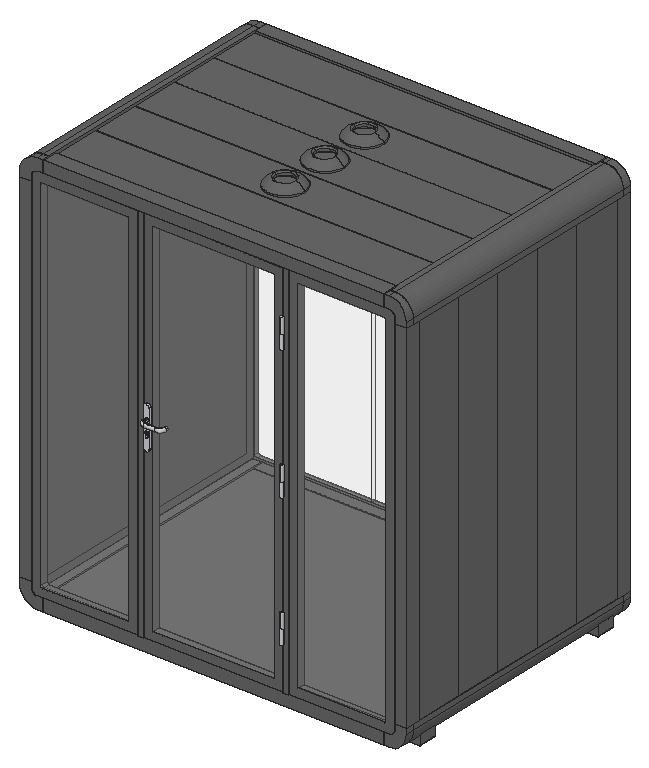
Revit family "Inbox Booths_Large Booth", category Furniture, Revit 2024
Family settings
  OmniClass Number = 23.40.20.00
  OmniClass Title = General Furniture and Specialties
  Work Plane-Based = No
  Enable Cutting in Views = No
  Always vertical = Yes
  Cut with Voids When Loaded = No
  Render Appearance Source = Family Geometry
  Shared = No
  Room Calculation Point = No
Parameters
  WIDTH (DO NOT EDIT) = 2200 mm  # constant formula
  WEIGHT (DO NOT EDIT) = "562 kg"  # constant formula
  URL = "https://inboxbooths.com/"
  Type Comments = "Large Booth"
  Product Specific URL (Manufacturer) = "https://inboxbooths.com/product/quad-booth/"
  Product Category = "Loose Furniture"
  OwnedBy = "Inbox Booths"  # constant formula
  Model = "Large Booth"
  Manufacturer = "Inbox Booths"  # constant formula
  HEIGHT (DO NOT EDIT) = 2300 mm  # constant formula
  Description = "Large portable privacy booth offers individual users a confidential space for phone calls or private meetings in any environment."
  DEPTH (DO NOT EDIT) = 1586 mm  # constant formula
  CreatedBy = "Inbox Booths"  # constant formula
  BIM Publish Date = "26.04.2024"  # constant formula
  BIM Content Publish Revit Version = "Revit 2024.1"  # constant formula
  BIM Content Copyright = "Inbox Booths"  # constant formula
  BB_Set Out Lines = yes
  BB_Pet Panel = Default
  BB_Light Source = Default Light Source
  BB_Hardware (non-editable finish) = none
  BB_Glass Edge (non-editable finish) = Default
  BB_Glass = Glass
  BB_Exterior Shell = Default
  Default Elevation [instance] = 0 mm
  BB_Floor Carpet = Default
  BB_Door Swing = yes
  AREA (DO NOT EDIT) = "3.5 sqm"  # constant formula
Reference planes
  plane 1 "Front": y = 0
  plane 2: z = 0
  plane 3 "Center L/S": y = 1586
  plane 4 "Center L/U": y = 793
  plane 5: x = -416.493
  plane 6: z = 10
  plane 7: z = 2310
  plane 8: x = 1653.507
  plane 9: z = 1160
  plane 10: x = 683.507
  plane 11: x = 1783.507
Forms (mm)
  Extrusion 1, solid, material "Default" <- "BB_Exterior Shell"
    sketch origin (0, 0, 0) x (1, 0, 0) y (0, 0, 1)
      loop
        line (-286.493, 2243) -> (1653.507, 2243) -> (1653.507, 2310) -> (-286.493, 2310) -> (-286.493, 2243)
    from -90 to 0
  Extrusion 2, solid, material "Default" <- "BB_Exterior Shell"
    sketch origin (0, 986, 0) x (1, 0, 0) y (0, 0, -1)
      loop
        line (-286.493, -2243) -> (-286.493, -2310) -> (1653.507, -2310) -> (1653.507, -2243) -> (-286.493, -2243)
    from 600 to 518.308
  Extrusion 3, solid, material "Default" <- "BB_Exterior Shell"
    sketch origin (0, 0, 2320) x (1, 0, 0) y (0, 0, 1)
      loop
        line (-286.493, -2243) -> (-286.493, -2310) -> (1653.507, -2310) -> (1653.507, -2243) -> (-286.493, -2243)
    from -90 to 0
  Extrusion 4, solid, material "Default" <- "BB_Exterior Shell"
    sketch origin (108.507, 0, 0) x (0, 1, 0) y (0, 0, 1)
      loop
        line (1586, 140) -> (1586, 2180) -> (1504.308, 2180) -> (1504.308, 140) -> (1586, 140)
      loop
        line (0, 2180) -> (0, 140) -> (90, 140) -> (90, 2180) -> (0, 2180)
    from -458 to -525
  Extrusion 5, solid, material "Default" <- "BB_Exterior Shell"
    sketch origin (98.507, -46.5, 0) x (0, 1, 0) y (0, 0, 1)
      loop
        line (91.5, 2233) -> (91.5, 87) -> (1607.5, 87) -> (1607.5, 2233) -> (91.5, 2233)
    from -448 to -438
  Extrusion 6, solid, material "Default" <- "BB_Exterior Shell"
    sketch origin (0, 0, 0) x (1, 0, 0) y (0, 0, 1)
      loop
        line (-349.493, 77) -> (-286.493, 77) -> (-286.493, 87) -> (-349.493, 87) -> (-349.493, 77)
      loop
        line (1653.507, 77) -> (1706.507, 77) -> (1706.507, 87) -> (1653.507, 87) -> (1653.507, 77)
      loop
        line (-349.493, 2243) -> (-349.493, 2233) -> (-286.493, 2233) -> (-286.493, 2243) -> (-349.493, 2243)
      loop
        line (1706.507, 2243) -> (1653.507, 2243) -> (1653.507, 2233) -> (1706.507, 2233) -> (1706.507, 2243)
    from -1561 to -45
  Extrusion 7, solid, material "Default" <- "BB_Exterior Shell"
    sketch origin (0, 0, 0) x (1, 0, 0) y (0, 1, 0)
      loop
        line (-286.493, 45) -> (1653.507, 45) -> (1653.507, 90) -> (-286.493, 90) -> (-286.493, 45)
      loop
        line (1653.507, 1561) -> (-286.493, 1561) -> (-286.493, 1496) -> (1653.507, 1496) -> (1653.507, 1561)
    from 87 to 77
  Extrusion 8, solid, material "Default" <- "BB_Exterior Shell"
    sketch origin (0, 0, 2156) x (1, 0, 0) y (0, 1, 0)
      loop
        line (1653.507, 1496) -> (1653.507, 1561) -> (-286.493, 1561) -> (-286.493, 1496) -> (1653.507, 1496)
      loop
        line (-286.493, 45) -> (1653.507, 45) -> (1653.507, 108) -> (-286.493, 108) -> (-286.493, 45)
    from 87 to 77
  Extrusion 9, solid, material "Default" <- "BB_Exterior Shell"
    sketch origin (0, 896, 2320) x (1, 0, 0) y (0, 0, -1)
      loop
        line (-286.493, 2243) -> (1653.507, 2243) -> (1653.507, 2310) -> (-286.493, 2310) -> (-286.493, 2243)
    from 318.8 to 608.308
  Extrusion 10, solid, material "Default" <- "BB_Exterior Shell"
    sketch origin (0, 90, 2320) x (1, 0, 0) y (0, 0, 1)
      loop
        line (-286.493, -2243) -> (-286.493, -2310) -> (1653.507, -2310) -> (1653.507, -2243) -> (-286.493, -2243)
    from -281.2 to 0
  Extrusion 11, solid, material "Default" <- "BB_Floor Carpet"
    sketch origin (0, 0, 0) x (1, 0, 0) y (0, 1, 0)
      loop
        line (1653.507, 1496) -> (-286.493, 1496) -> (-286.493, 90) -> (1653.507, 90) -> (1653.507, 1496)
    from 77 to 82.752
  Extrusion 12, solid, material "Default" <- "BB_Pet Panel"
    sketch origin (0, 0, 2160.248) x (0, -1, 0) y (1, 0, 0)
      loop
        line (-1504.308, 1653.507) -> (-1504.308, -286.493) -> (-108, -286.493) -> (-108, 1653.507) -> (-1504.308, 1653.507)
    from 77 to 82.752
  Extrusion 13, solid, material "Default" <- "BB_Exterior Shell"
    sketch origin (0, 343.5, 4543) x (1, 0, 0) y (0, 0, -1)
      loop
        line (-286.493, 2243) -> (1653.507, 2243) -> (1653.507, 2300) -> (-286.493, 2300) -> (-286.493, 2243)
    from -253.5 to 27.7
  Extrusion 14, solid, material <- "BB_Hardware (non-editable finish)", not visible
    sketch origin (0, 0, 0) x (1, 0, 0) y (0, 0, 1)
      loop
        arc (-80.493, 1055) -> (-65.493, 1040) -> (-50.493, 1055) r 15
        line (-50.493, 1055) -> (-50.493, 1265)
        arc (-50.493, 1265) -> (-65.493, 1280) -> (-80.493, 1265) r 15
        line (-80.493, 1265) -> (-80.493, 1055)
    from 0 to 9
  Extrusion 15, solid, material <- "BB_Hardware (non-editable finish)", not visible
    sketch origin (0, 0, 0) x (1, 0, 0) y (0, 0, 1)
      loop
        arc (-60.993, 1126.252) -> (-65.493, 1141.963) -> (-69.993, 1126.252) r 8.5
        line (-69.993, 1126.252) -> (-69.993, 1113.463)
        arc (-69.993, 1113.463) -> (-65.493, 1108.963) -> (-60.993, 1113.463) r 4.5
        line (-60.993, 1113.463) -> (-60.993, 1126.252)
      loop
        circle (-65.493, 1133.463) r 6.846
    from 9 to 9.871
  Extrusion 16, solid, material <- "BB_Hardware (non-editable finish)", not visible
    sketch origin (0, 0, 0) x (1, 0, 0) y (0, 0, 1)
      loop
        line (-58.72, 1132.462) -> (-65.493, 1132.462) -> (-65.493, 1134.409) -> (-58.713, 1134.409)
        arc (-58.713, 1134.409) -> (-72.338, 1133.49) -> (-58.72, 1132.462) r 6.846
    from 9 to 9.607
  Sweep 17, solid, material <- "BB_Hardware (non-editable finish)", not visible
    path origin (-9.25, 0, 1191.013) x (1, 0, 0) y (0, 1, 0)
      loop
        line (-65.493, -9.009) -> (-65.493, -29)
        arc (-65.493, -29) -> (-55.534, -53.042) -> (-31.493, -63) r 34
        line (-31.493, -63) -> (35.007, -63)
        arc (35.007, -63) -> (59.372, -53.221) -> (69.507, -29.004) r 34
        line (69.507, -29.004) -> (69.507, -19)
    profile origin (-74.743, -19.005, 1191.013) x (1, 0, 0) y (0, 0, 1)
      loop
        arc (14.657, 18.263) -> (14.416, 18.644) -> (14.007, 18.834) r 0.8
        arc (14.007, 18.834) -> (11.685, 19.007) -> (9.363, 18.833) r 15.626
        arc (9.363, 18.833) -> (0, 9.47) -> (9.363, 0.107) r 9.363
        arc (9.363, 0.107) -> (11.662, -0.019) -> (13.962, 0.101) r 21.574
        arc (13.962, 0.101) -> (14.393, 0.284) -> (14.647, 0.677) r 0.8
        arc (14.647, 0.677) -> (15.884, 9.469) -> (14.657, 18.263) r 31.996
  Extrusion 18, solid, material "Default" <- "BB_Exterior Shell"
    sketch origin (-375, 90, 2320) x (1, 0, 0) y (0, 0, 1)
      loop
        arc (-41.493, -2210) -> (-12.203, -2280.711) -> (58.507, -2310) r 100
        line (58.507, -2310) -> (88.507, -2310) -> (88.507, -2243) -> (57.507, -2243)
        arc (57.507, -2243) -> (34.88, -2233.627) -> (25.507, -2211) r 32
        line (25.507, -2211) -> (25.507, -2180) -> (-41.493, -2180) -> (-41.493, -2210)
    from 45 to 90
  Extrusion 19, solid, material "Default" <- "BB_Exterior Shell"
    sketch origin (-375, 1451, 2320) x (1, 0, 0) y (0, 0, -1)
      loop
        line (-41.493, 2210) -> (-41.493, 2180) -> (25.507, 2180) -> (25.507, 2211)
        arc (25.507, 2211) -> (34.88, 2233.627) -> (57.507, 2243) r 32
        line (57.507, 2243) -> (88.507, 2243) -> (88.507, 2310) -> (58.507, 2310)
        arc (58.507, 2310) -> (-12.203, 2280.711) -> (-41.493, 2210) r 100
    from -1406 to 90
  Extrusion 20, solid, material "Default" <- "BB_Exterior Shell"
    sketch origin (0, 793, 2320) x (1, 0, 0) y (0, 0, -1)
      loop
        line (-286.493, 2243) -> (1653.507, 2243) -> (1653.507, 2310) -> (-286.493, 2310) -> (-286.493, 2243)
    from -421.8 to -140.6
  Extrusion 21, solid, material "Default" <- "BB_Exterior Shell"
    sketch origin (-375, 1451, 0) x (1, 0, 0) y (0, 0, -1)
      loop
        arc (-41.493, -2210) -> (-12.203, -2280.711) -> (58.507, -2310) r 100
        line (58.507, -2310) -> (88.507, -2310) -> (88.507, -2243) -> (57.507, -2243)
        arc (57.507, -2243) -> (34.88, -2233.627) -> (25.507, -2211) r 32
        line (25.507, -2211) -> (25.507, -2180) -> (-41.493, -2180) -> (-41.493, -2210)
    from -1406 to 90
  Extrusion 22, solid, material "Default" <- "BB_Exterior Shell"
    sketch origin (-375, -345, 0) x (1, 0, 0) y (0, 0, -1)
      loop
        arc (-41.493, -2210) -> (-12.203, -2280.711) -> (58.507, -2310) r 100
        line (58.507, -2310) -> (88.507, -2310) -> (88.507, -2243) -> (57.507, -2243)
        arc (57.507, -2243) -> (34.88, -2233.627) -> (25.507, -2211) r 32
        line (25.507, -2211) -> (25.507, -2180) -> (-41.493, -2180) -> (-41.493, -2210)
    from 345 to 390
  Extrusion 23, solid, material "Default" <- "BB_Exterior Shell"
    sketch origin (-501.493, 5, 0) x (0, 1, 0) y (0, 0, 1)
      loop
        line (85, 2180) -> (85, 140) -> (366.2, 140) -> (366.2, 2180) -> (85, 2180)
    from 92 to 152
  Extrusion 24, solid, material "Default" <- "BB_Exterior Shell"
    sketch origin (0, 389.5, 4543) x (1, 0, 0) y (0, 0, 1)
      loop
        line (-286.493, -2243) -> (-286.493, -2300) -> (1653.507, -2300) -> (1653.507, -2243) -> (-286.493, -2243)
    from -262.9 to 18.3
  Extrusion 25, solid, material <- "BB_Hardware (non-editable finish)", not visible
    sketch origin (-2701.325, 0, 26.184) x (1, 0, 0) y (0, 1, 0)
      loop
        circle (3404.582, -7.96) r 8
    from 299.201 to 380.816
  Extrusion 26, solid, material <- "BB_Hardware (non-editable finish)", not visible
    sketch origin (-2701.325, 0, 107.816) x (0, -1, 0) y (1, 0, 0)
      loop
        circle (7.96, 3404.582) r 8
    from 299.201 to 380.816
  Extrusion 27, solid, material <- "BB_Hardware (non-editable finish)", not visible
    sketch origin (-2701.325, 0, 779.184) x (1, 0, 0) y (0, 1, 0)
      loop
        circle (3404.582, -7.96) r 8
    from 299.201 to 380.816
  Extrusion 28, solid, material <- "BB_Hardware (non-editable finish)", not visible
    sketch origin (-2701.325, 0, 860.816) x (0, -1, 0) y (1, 0, 0)
      loop
        circle (7.96, 3404.582) r 8
    from 299.201 to 380.816
  Extrusion 29, solid, material <- "BB_Hardware (non-editable finish)", not visible
    sketch origin (-2701.325, 0, 1532.184) x (1, 0, 0) y (0, 1, 0)
      loop
        circle (3404.582, -7.96) r 8
    from 299.201 to 380.816
  Extrusion 30, solid, material <- "BB_Hardware (non-editable finish)", not visible
    sketch origin (-2701.325, 0, 1613.816) x (0, -1, 0) y (1, 0, 0)
      loop
        circle (7.96, 3404.582) r 8
    from 299.201 to 380.816
  Extrusion 31, solid, material "Default" <- "BB_Glass Edge (non-editable finish)", not visible
    sketch origin (2640, -709.952, 0) x (1, 0, 0) y (0, 0, 1)
      loop
        line (-29.493, 2243) -> (-29.493, 77) -> (764.507, 77) -> (764.507, 2243) -> (-29.493, 2243)
      loop
        line (714.507, 2193) -> (20.507, 2193) -> (20.507, 127) -> (714.507, 127) -> (714.507, 2193)
    from -754.952 to -709.952
  Extrusion 32, solid, material "Glass" <- "BB_Glass", not visible
    sketch origin (1933.642, -1616.475, -375.577) x (1, 0, 0) y (0, 0, 1)
      loop
        line (726.866, 2568.577) -> (726.866, 502.577) -> (1420.866, 502.577) -> (1420.866, 2568.577) -> (726.866, 2568.577)
    from -1661.475 to -1616.475
  Extrusion 33, solid, material <- "BB_Hardware (non-editable finish)", not visible
    sketch origin (2701.25, 0, 0) x (1, 0, 0) y (0, 0, 1)
      loop
        arc (-80.493, 1055) -> (-65.493, 1040) -> (-50.493, 1055) r 15
        line (-50.493, 1055) -> (-50.493, 1265)
        arc (-50.493, 1265) -> (-65.493, 1280) -> (-80.493, 1265) r 15
        line (-80.493, 1265) -> (-80.493, 1055)
    from 0 to 9
  Extrusion 34, solid, material <- "BB_Hardware (non-editable finish)", not visible
    sketch origin (2701.25, 0, 0) x (1, 0, 0) y (0, 0, 1)
      loop
        arc (-60.993, 1126.252) -> (-65.493, 1141.963) -> (-69.993, 1126.252) r 8.5
        line (-69.993, 1126.252) -> (-69.993, 1113.463)
        arc (-69.993, 1113.463) -> (-65.493, 1108.963) -> (-60.993, 1113.463) r 4.5
        line (-60.993, 1113.463) -> (-60.993, 1126.252)
      loop
        circle (-65.493, 1133.463) r 6.846
    from 9 to 9.871
  Extrusion 35, solid, material <- "BB_Hardware (non-editable finish)", not visible
    sketch origin (2701.25, 0, 0) x (1, 0, 0) y (0, 0, 1)
      loop
        line (-58.72, 1132.462) -> (-65.493, 1132.462) -> (-65.493, 1134.409) -> (-58.713, 1134.409)
        arc (-58.713, 1134.409) -> (-72.338, 1133.49) -> (-58.72, 1132.462) r 6.846
    from 9 to 9.607
  Sweep 36, solid, material <- "BB_Hardware (non-editable finish)", not visible
    path origin (2692, 0, 1191.013) x (1, 0, 0) y (0, 1, 0)
      loop
        line (-65.493, -9.009) -> (-65.493, -29)
        arc (-65.493, -29) -> (-55.534, -53.042) -> (-31.493, -63) r 34
        line (-31.493, -63) -> (35.007, -63)
        arc (35.007, -63) -> (59.372, -53.221) -> (69.507, -29.004) r 34
        line (69.507, -29.004) -> (69.507, -19)
    profile origin (2626.507, -19.005, 1191.013) x (1, 0, 0) y (0, 0, 1)
      loop
        arc (14.657, 18.263) -> (14.416, 18.644) -> (14.007, 18.834) r 0.8
        arc (14.007, 18.834) -> (11.685, 19.007) -> (9.363, 18.833) r 15.626
        arc (9.363, 18.833) -> (0, 9.47) -> (9.363, 0.107) r 9.363
        arc (9.363, 0.107) -> (11.662, -0.019) -> (13.962, 0.101) r 21.574
        arc (13.962, 0.101) -> (14.393, 0.284) -> (14.647, 0.677) r 0.8
        arc (14.647, 0.677) -> (15.884, 9.469) -> (14.657, 18.263) r 31.996
  Extrusion 37, solid, material <- "BB_Hardware (non-editable finish)", not visible
    sketch origin (-0.075, 0, 26.184) x (1, 0, 0) y (0, 1, 0)
      loop
        circle (3404.582, -7.96) r 8
    from 299.201 to 380.816
  Extrusion 38, solid, material <- "BB_Hardware (non-editable finish)", not visible
    sketch origin (-0.075, 0, 107.816) x (0, -1, 0) y (1, 0, 0)
      loop
        circle (7.96, 3404.582) r 8
    from 299.201 to 380.816
  Extrusion 39, solid, material <- "BB_Hardware (non-editable finish)", not visible
    sketch origin (-0.075, 0, 779.184) x (1, 0, 0) y (0, 1, 0)
      loop
        circle (3404.582, -7.96) r 8
    from 299.201 to 380.816
  Extrusion 40, solid, material <- "BB_Hardware (non-editable finish)", not visible
    sketch origin (-0.075, 0, 860.816) x (0, -1, 0) y (1, 0, 0)
      loop
        circle (7.96, 3404.582) r 8
    from 299.201 to 380.816
  Extrusion 41, solid, material <- "BB_Hardware (non-editable finish)", not visible
    sketch origin (-0.075, 0, 1532.184) x (1, 0, 0) y (0, 1, 0)
      loop
        circle (3404.582, -7.96) r 8
    from 299.201 to 380.816
  Extrusion 42, solid, material <- "BB_Hardware (non-editable finish)", not visible
    sketch origin (-0.075, 0, 1613.816) x (0, -1, 0) y (1, 0, 0)
      loop
        circle (7.96, 3404.582) r 8
    from 299.201 to 380.816
  Extrusion 43, solid, material "Default" <- "BB_Exterior Shell"
    sketch origin (0, 493, 2320) x (1, 0, 0) y (0, 0, 1)
      loop
        line (-286.493, -2243) -> (-286.493, -2310) -> (1653.507, -2310) -> (1653.507, -2243) -> (-286.493, -2243)
    from -440.6 to -159.4
  Extrusion 44, solid, material "Default" <- "BB_Exterior Shell"
    sketch origin (0, 1346, 2320) x (1, 0, 0) y (0, 0, -1)
      loop
        line (-286.493, 2243) -> (1653.507, 2243) -> (1653.507, 2310) -> (-286.493, 2310) -> (-286.493, 2243)
    from -412.4 to -131.2
  Extrusion 45, solid, material "Default" <- "BB_Exterior Shell", not visible
    sketch origin (0, 0, 0) x (1, 0, 0) y (0, 0, 1)
      loop
        line (-286.493, 2243) -> (1653.507, 2243) -> (1653.507, 2310) -> (-286.493, 2310) -> (-286.493, 2243)
    from -90 to 0
  Extrusion 46, solid, material "Default" <- "BB_Exterior Shell", not visible
    sketch origin (0, 986, 0) x (1, 0, 0) y (0, 0, -1)
      loop
        line (-286.493, -2243) -> (-286.493, -2310) -> (1653.507, -2310) -> (1653.507, -2243) -> (-286.493, -2243)
    from 600 to 518.308
  Extrusion 47, solid, material "Default" <- "BB_Exterior Shell", not visible
    sketch origin (0, 0, 2320) x (1, 0, 0) y (0, 0, 1)
      loop
        line (-286.493, -2243) -> (-286.493, -2310) -> (1653.507, -2310) -> (1653.507, -2243) -> (-286.493, -2243)
    from -90 to 0
  Extrusion 48, solid, material "Default" <- "BB_Exterior Shell", not visible
    sketch origin (108.507, 0, 0) x (0, 1, 0) y (0, 0, 1)
      loop
        line (1586, 140) -> (1586, 2180) -> (1504.308, 2180) -> (1504.308, 140) -> (1586, 140)
      loop
        line (0, 2180) -> (0, 140) -> (90, 140) -> (90, 2180) -> (0, 2180)
    from -458 to -525
  Extrusion 49, solid, material "Default" <- "BB_Exterior Shell", not visible
    sketch origin (98.507, -46.5, 0) x (0, 1, 0) y (0, 0, 1)
      loop
        line (91.5, 2233) -> (91.5, 87) -> (1607.5, 87) -> (1607.5, 2233) -> (91.5, 2233)
    from -448 to -438
  Extrusion 50, solid, material "Default" <- "BB_Exterior Shell", not visible
    sketch origin (0, 0, 0) x (1, 0, 0) y (0, 0, 1)
      loop
        line (-349.493, 77) -> (-286.493, 77) -> (-286.493, 87) -> (-349.493, 87) -> (-349.493, 77)
      loop
        line (1653.507, 77) -> (1706.507, 77) -> (1706.507, 87) -> (1653.507, 87) -> (1653.507, 77)
      loop
        line (-349.493, 2243) -> (-349.493, 2233) -> (-286.493, 2233) -> (-286.493, 2243) -> (-349.493, 2243)
      loop
        line (1706.507, 2243) -> (1653.507, 2243) -> (1653.507, 2233) -> (1706.507, 2233) -> (1706.507, 2243)
    from -1561 to -45
  Extrusion 51, solid, material "Default" <- "BB_Exterior Shell", not visible
    sketch origin (0, 0, 0) x (1, 0, 0) y (0, 1, 0)
      loop
        line (-286.493, 45) -> (1653.507, 45) -> (1653.507, 90) -> (-286.493, 90) -> (-286.493, 45)
      loop
        line (1653.507, 1561) -> (-286.493, 1561) -> (-286.493, 1496) -> (1653.507, 1496) -> (1653.507, 1561)
    from 87 to 77
  Extrusion 52, solid, material "Default" <- "BB_Exterior Shell", not visible
    sketch origin (0, 0, 2156) x (1, 0, 0) y (0, 1, 0)
      loop
        line (1653.507, 1496) -> (1653.507, 1561) -> (-286.493, 1561) -> (-286.493, 1496) -> (1653.507, 1496)
      loop
        line (-286.493, 45) -> (1653.507, 45) -> (1653.507, 108) -> (-286.493, 108) -> (-286.493, 45)
    from 87 to 77
  Extrusion 53, solid, material "Default" <- "BB_Exterior Shell", not visible
    sketch origin (0, 896, 2320) x (1, 0, 0) y (0, 0, -1)
      loop
        line (-286.493, 2243) -> (1653.507, 2243) -> (1653.507, 2310) -> (-286.493, 2310) -> (-286.493, 2243)
    from 318.8 to 608.308
  Extrusion 54, solid, material "Default" <- "BB_Exterior Shell", not visible
    sketch origin (0, 90, 2320) x (1, 0, 0) y (0, 0, 1)
      loop
        line (-286.493, -2243) -> (-286.493, -2310) -> (1653.507, -2310) -> (1653.507, -2243) -> (-286.493, -2243)
    from -281.2 to 0
  Extrusion 55, solid, material "Default" <- "BB_Exterior Shell", not visible
    sketch origin (0, 343.5, 4543) x (1, 0, 0) y (0, 0, -1)
      loop
        line (-286.493, 2243) -> (1653.507, 2243) -> (1653.507, 2300) -> (-286.493, 2300) -> (-286.493, 2243)
    from -253.5 to 27.7
  Extrusion 56, solid, material "Default" <- "BB_Exterior Shell", not visible
    sketch origin (-375, 90, 2320) x (1, 0, 0) y (0, 0, 1)
      loop
        arc (-41.493, -2210) -> (-12.203, -2280.711) -> (58.507, -2310) r 100
        line (58.507, -2310) -> (88.507, -2310) -> (88.507, -2243) -> (57.507, -2243)
        arc (57.507, -2243) -> (34.88, -2233.627) -> (25.507, -2211) r 32
        line (25.507, -2211) -> (25.507, -2180) -> (-41.493, -2180) -> (-41.493, -2210)
    from 45 to 90
  Extrusion 57, solid, material "Default" <- "BB_Exterior Shell", not visible
    sketch origin (-375, 1451, 2320) x (1, 0, 0) y (0, 0, -1)
      loop
        line (-41.493, 2210) -> (-41.493, 2180) -> (25.507, 2180) -> (25.507, 2211)
        arc (25.507, 2211) -> (34.88, 2233.627) -> (57.507, 2243) r 32
        line (57.507, 2243) -> (88.507, 2243) -> (88.507, 2310) -> (58.507, 2310)
        arc (58.507, 2310) -> (-12.203, 2280.711) -> (-41.493, 2210) r 100
    from -1406 to 90
  Extrusion 58, solid, material "Default" <- "BB_Exterior Shell", not visible
    sketch origin (0, 793, 2320) x (1, 0, 0) y (0, 0, -1)
      loop
        line (-286.493, 2243) -> (1653.507, 2243) -> (1653.507, 2310) -> (-286.493, 2310) -> (-286.493, 2243)
    from -421.8 to -140.6
  Extrusion 59, solid, material "Default" <- "BB_Exterior Shell", not visible
    sketch origin (-375, 1451, 0) x (1, 0, 0) y (0, 0, -1)
      loop
        arc (-41.493, -2210) -> (-12.203, -2280.711) -> (58.507, -2310) r 100
        line (58.507, -2310) -> (88.507, -2310) -> (88.507, -2243) -> (57.507, -2243)
        arc (57.507, -2243) -> (34.88, -2233.627) -> (25.507, -2211) r 32
        line (25.507, -2211) -> (25.507, -2180) -> (-41.493, -2180) -> (-41.493, -2210)
    from -1406 to 90
  Extrusion 60, solid, material "Default" <- "BB_Exterior Shell", not visible
    sketch origin (-375, -345, 0) x (1, 0, 0) y (0, 0, -1)
      loop
        arc (-41.493, -2210) -> (-12.203, -2280.711) -> (58.507, -2310) r 100
        line (58.507, -2310) -> (88.507, -2310) -> (88.507, -2243) -> (57.507, -2243)
        arc (57.507, -2243) -> (34.88, -2233.627) -> (25.507, -2211) r 32
        line (25.507, -2211) -> (25.507, -2180) -> (-41.493, -2180) -> (-41.493, -2210)
    from 345 to 390
  Extrusion 61, solid, material "Default" <- "BB_Exterior Shell", not visible
    sketch origin (-501.493, 5, 0) x (0, 1, 0) y (0, 0, 1)
      loop
        line (85, 2180) -> (85, 140) -> (366.2, 140) -> (366.2, 2180) -> (85, 2180)
    from 92 to 152
  Extrusion 62, solid, material "Default" <- "BB_Exterior Shell", not visible
    sketch origin (0, 389.5, 4543) x (1, 0, 0) y (0, 0, 1)
      loop
        line (-286.493, -2243) -> (-286.493, -2300) -> (1653.507, -2300) -> (1653.507, -2243) -> (-286.493, -2243)
    from -262.9 to 18.3
  Extrusion 63, solid, material "Default" <- "BB_Exterior Shell", not visible
    sketch origin (0, 493, 2320) x (1, 0, 0) y (0, 0, 1)
      loop
        line (-286.493, -2243) -> (-286.493, -2310) -> (1653.507, -2310) -> (1653.507, -2243) -> (-286.493, -2243)
    from -440.6 to -159.4
  Extrusion 64, solid, material "Default" <- "BB_Exterior Shell", not visible
    sketch origin (0, 1346, 2320) x (1, 0, 0) y (0, 0, -1)
      loop
        line (-286.493, 2243) -> (1653.507, 2243) -> (1653.507, 2310) -> (-286.493, 2310) -> (-286.493, 2243)
    from -412.4 to -131.2
  Extrusion 65, solid, material "Default" <- "BB_Pet Panel"
    sketch origin (-139.493, 1033.5, 51.289) x (0, -1, 0) y (0, 0, -1)
      loop
        line (-462.5, -2128.711) -> (943.5, -2128.711) -> (943.5, -88.711) -> (-462.5, -88.711) -> (-462.5, -2128.711)
    from -200 to -190
  Extrusion 66, solid, material "Default" <- "BB_Exterior Shell"
    sketch origin (0, 210, 0) x (1, 0, 0) y (0, 0, 1)
      loop
        arc (-406.493, 4) -> (-405.321, 1.172) -> (-402.493, 0) r 4
        line (-402.493, 0) -> (-280.261, 0)
        arc (-280.261, 0) -> (-277.432, 1.172) -> (-276.261, 4) r 4
        line (-276.261, 4) -> (-276.261, 10) -> (-316.493, 10)
        arc (-316.493, 10) -> (-369.601, 25.268) -> (-406.493, 66.411) r 100
        line (-406.493, 66.411) -> (-406.493, 4)
    from 0 to 100
  Extrusion 67, solid, material "Default" <- "BB_Exterior Shell"
    sketch origin (1258.507, 0, 0) x (0, 1, 0) y (0, 0, -1)
      loop
        line (1586, -140) -> (1504.308, -140) -> (1504.308, -2180) -> (1586, -2180) -> (1586, -140)
      loop
        line (0, -2180) -> (90, -2180) -> (90, -140) -> (0, -140) -> (0, -2180)
    from -458 to -525
  Extrusion 68, solid, material "Default" <- "BB_Exterior Shell"
    sketch origin (1742.015, 90, 2320) x (-1, 0, 0) y (0, 0, -1)
      loop
        line (-41.493, 2210) -> (-41.493, 2180) -> (25.507, 2180) -> (25.507, 2211)
        arc (25.507, 2211) -> (34.88, 2233.627) -> (57.507, 2243) r 32
        line (57.507, 2243) -> (88.507, 2243) -> (88.507, 2310) -> (58.507, 2310)
        arc (58.507, 2310) -> (-12.203, 2280.711) -> (-41.493, 2210) r 100
    from 45 to 90
  Extrusion 69, solid, material "Default" <- "BB_Exterior Shell"
    sketch origin (1742.015, 1451, 0) x (-1, 0, 0) y (0, 0, 1)
      loop
        line (-41.493, 2210) -> (-41.493, 2180) -> (25.507, 2180) -> (25.507, 2211)
        arc (25.507, 2211) -> (34.88, 2233.627) -> (57.507, 2243) r 32
        line (57.507, 2243) -> (88.507, 2243) -> (88.507, 2310) -> (58.507, 2310)
        arc (58.507, 2310) -> (-12.203, 2280.711) -> (-41.493, 2210) r 100
    from -1406 to 90
  Extrusion 70, solid, material "Default" <- "BB_Exterior Shell"
    sketch origin (1742.015, 1451, 2320) x (-1, 0, 0) y (0, 0, 1)
      loop
        arc (-41.493, -2210) -> (-12.203, -2280.711) -> (58.507, -2310) r 100
        line (58.507, -2310) -> (88.507, -2310) -> (88.507, -2243) -> (57.507, -2243)
        arc (57.507, -2243) -> (34.88, -2233.627) -> (25.507, -2211) r 32
        line (25.507, -2211) -> (25.507, -2180) -> (-41.493, -2180) -> (-41.493, -2210)
    from -1406 to 90
  Extrusion 71, solid, material "Default" <- "BB_Exterior Shell"
    sketch origin (1742.015, -345, 0) x (-1, 0, 0) y (0, 0, 1)
      loop
        line (-41.493, 2210) -> (-41.493, 2180) -> (25.507, 2180) -> (25.507, 2211)
        arc (25.507, 2211) -> (34.88, 2233.627) -> (57.507, 2243) r 32
        line (57.507, 2243) -> (88.507, 2243) -> (88.507, 2310) -> (58.507, 2310)
        arc (58.507, 2310) -> (-12.203, 2280.711) -> (-41.493, 2210) r 100
    from 345 to 390
  Extrusion 72, solid, material "Default" <- "BB_Exterior Shell"
    sketch origin (1868.507, 5, 0) x (0, 1, 0) y (0, 0, -1)
      loop
        line (85, -2180) -> (366.2, -2180) -> (366.2, -140) -> (85, -140) -> (85, -2180)
    from 92 to 152
  Extrusion 73, solid, material "Default" <- "BB_Exterior Shell"
    sketch origin (1367.015, 210, 0) x (-1, 0, 0) y (0, 0, -1)
      loop
        line (-406.493, -4) -> (-406.493, -66.411)
        arc (-406.493, -66.411) -> (-369.601, -25.268) -> (-316.493, -10) r 100
        line (-316.493, -10) -> (-276.261, -10) -> (-276.261, -4)
        arc (-276.261, -4) -> (-277.432, -1.172) -> (-280.261, 0) r 4
        line (-280.261, 0) -> (-402.493, 0)
        arc (-402.493, 0) -> (-405.321, -1.172) -> (-406.493, -4) r 4
    from 0 to 100
  Extrusion 74, solid, material "Default" <- "BB_Exterior Shell", not visible
    sketch origin (0, 210, 0) x (1, 0, 0) y (0, 0, 1)
      loop
        arc (-406.493, 4) -> (-405.321, 1.172) -> (-402.493, 0) r 4
        line (-402.493, 0) -> (-280.261, 0)
        arc (-280.261, 0) -> (-277.432, 1.172) -> (-276.261, 4) r 4
        line (-276.261, 4) -> (-276.261, 10) -> (-316.493, 10)
        arc (-316.493, 10) -> (-369.601, 25.268) -> (-406.493, 66.411) r 100
        line (-406.493, 66.411) -> (-406.493, 4)
    from 0 to 100
  Extrusion 75, solid, material "Default" <- "BB_Exterior Shell", not visible
    sketch origin (1258.507, 0, 0) x (0, 1, 0) y (0, 0, -1)
      loop
        line (1586, -140) -> (1504.308, -140) -> (1504.308, -2180) -> (1586, -2180) -> (1586, -140)
      loop
        line (0, -2180) -> (90, -2180) -> (90, -140) -> (0, -140) -> (0, -2180)
    from -458 to -525
  Extrusion 76, solid, material "Default" <- "BB_Exterior Shell", not visible
    sketch origin (1742.015, 90, 2320) x (-1, 0, 0) y (0, 0, -1)
      loop
        line (-41.493, 2210) -> (-41.493, 2180) -> (25.507, 2180) -> (25.507, 2211)
        arc (25.507, 2211) -> (34.88, 2233.627) -> (57.507, 2243) r 32
        line (57.507, 2243) -> (88.507, 2243) -> (88.507, 2310) -> (58.507, 2310)
        arc (58.507, 2310) -> (-12.203, 2280.711) -> (-41.493, 2210) r 100
    from 45 to 90
  Extrusion 77, solid, material "Default" <- "BB_Exterior Shell", not visible
    sketch origin (1742.015, 1451, 0) x (-1, 0, 0) y (0, 0, 1)
      loop
        line (-41.493, 2210) -> (-41.493, 2180) -> (25.507, 2180) -> (25.507, 2211)
        arc (25.507, 2211) -> (34.88, 2233.627) -> (57.507, 2243) r 32
        line (57.507, 2243) -> (88.507, 2243) -> (88.507, 2310) -> (58.507, 2310)
        arc (58.507, 2310) -> (-12.203, 2280.711) -> (-41.493, 2210) r 100
    from -1406 to 90
  Extrusion 78, solid, material "Default" <- "BB_Exterior Shell", not visible
    sketch origin (1742.015, 1451, 2320) x (-1, 0, 0) y (0, 0, 1)
      loop
        arc (-41.493, -2210) -> (-12.203, -2280.711) -> (58.507, -2310) r 100
        line (58.507, -2310) -> (88.507, -2310) -> (88.507, -2243) -> (57.507, -2243)
        arc (57.507, -2243) -> (34.88, -2233.627) -> (25.507, -2211) r 32
        line (25.507, -2211) -> (25.507, -2180) -> (-41.493, -2180) -> (-41.493, -2210)
    from -1406 to 90
  Extrusion 79, solid, material "Default" <- "BB_Exterior Shell", not visible
    sketch origin (1742.015, -345, 0) x (-1, 0, 0) y (0, 0, 1)
      loop
        line (-41.493, 2210) -> (-41.493, 2180) -> (25.507, 2180) -> (25.507, 2211)
        arc (25.507, 2211) -> (34.88, 2233.627) -> (57.507, 2243) r 32
        line (57.507, 2243) -> (88.507, 2243) -> (88.507, 2310) -> (58.507, 2310)
        arc (58.507, 2310) -> (-12.203, 2280.711) -> (-41.493, 2210) r 100
    from 345 to 390
  Extrusion 80, solid, material "Default" <- "BB_Exterior Shell", not visible
    sketch origin (1868.507, 5, 0) x (0, 1, 0) y (0, 0, -1)
      loop
        line (85, -2180) -> (366.2, -2180) -> (366.2, -140) -> (85, -140) -> (85, -2180)
    from 92 to 152
  Extrusion 81, solid, material "Default" <- "BB_Exterior Shell", not visible
    sketch origin (1367.015, 210, 0) x (-1, 0, 0) y (0, 0, -1)
      loop
        line (-406.493, -4) -> (-406.493, -66.411)
        arc (-406.493, -66.411) -> (-369.601, -25.268) -> (-316.493, -10) r 100
        line (-316.493, -10) -> (-276.261, -10) -> (-276.261, -4)
        arc (-276.261, -4) -> (-277.432, -1.172) -> (-280.261, 0) r 4
        line (-280.261, 0) -> (-402.493, 0)
        arc (-402.493, 0) -> (-405.321, -1.172) -> (-406.493, -4) r 4
    from 0 to 100
  Extrusion 82, solid, material "Default" <- "BB_Exterior Shell"
    sketch origin (1268.507, -46.5, 0) x (0, 1, 0) y (0, 0, -1)
      loop
        line (91.5, -2233) -> (1607.5, -2233) -> (1607.5, -87) -> (91.5, -87) -> (91.5, -2233)
    from -448 to -438
  Extrusion 83, solid, material "Default" <- "BB_Exterior Shell", not visible
    sketch origin (1268.507, -46.5, 0) x (0, 1, 0) y (0, 0, -1)
      loop
        line (91.5, -2233) -> (1607.5, -2233) -> (1607.5, -87) -> (91.5, -87) -> (91.5, -2233)
    from -448 to -438
  Extrusion 84, solid, material "Default" <- "BB_Pet Panel"
    sketch origin (1506.507, 1033.5, 51.289) x (0, -1, 0) y (0, 0, 1)
      loop
        line (-462.5, 2128.711) -> (-462.5, 88.711) -> (943.5, 88.711) -> (943.5, 2128.711) -> (-462.5, 2128.711)
    from -200 to -190
  Extrusion 85, solid, material "Default" <- "BB_Glass Edge (non-editable finish)"
    sketch origin (0, -41.475, 0) x (1, 0, 0) y (0, 0, 1)
      loop
        arc (-317.493, 2243) -> (-340.12, 2233.627) -> (-349.493, 2211) r 32
        line (-349.493, 2211) -> (-349.493, 109)
        arc (-349.493, 109) -> (-340.12, 86.373) -> (-317.493, 77) r 32
        line (-317.493, 77) -> (1684.507, 77)
        arc (1684.507, 77) -> (1707.135, 86.373) -> (1716.507, 109) r 32
        line (1716.507, 109) -> (1716.507, 2211)
        arc (1716.507, 2211) -> (1707.135, 2233.627) -> (1684.507, 2243) r 32
        line (1684.507, 2243) -> (-317.493, 2243)
      loop
        line (-317.493, 97) -> (1684.507, 97)
        arc (1684.507, 97) -> (1692.993, 100.515) -> (1696.507, 109) r 12
        line (1696.507, 109) -> (1696.507, 2211)
        arc (1696.507, 2211) -> (1692.993, 2219.485) -> (1684.507, 2223) r 12
        line (1684.507, 2223) -> (-317.493, 2223)
        arc (-317.493, 2223) -> (-325.978, 2219.485) -> (-329.493, 2211) r 12
        line (-329.493, 2211) -> (-329.493, 109)
        arc (-329.493, 109) -> (-325.978, 100.515) -> (-317.493, 97) r 12
    from -1627.475 to -1602.475
  Extrusion 86, solid, material "Glass" <- "BB_Glass"
    sketch origin (700, 1575, 0) x (1, 0, 0) y (0, 0, 1)
      loop
        line (984.507, 2223) -> (330.507, 2223) -> (330.507, 97) -> (984.507, 97)
        arc (984.507, 97) -> (992.993, 100.515) -> (996.507, 109) r 12
        line (996.507, 109) -> (996.507, 2211)
        arc (996.507, 2211) -> (992.993, 2219.485) -> (984.507, 2223) r 12
    from -11 to 14
  Extrusion 87, solid, material "Default" <- "BB_Glass Edge (non-editable finish)", not visible
    sketch origin (0, -41.475, 0) x (1, 0, 0) y (0, 0, 1)
      loop
        arc (-317.493, 2243) -> (-340.12, 2233.627) -> (-349.493, 2211) r 32
        line (-349.493, 2211) -> (-349.493, 109)
        arc (-349.493, 109) -> (-340.12, 86.373) -> (-317.493, 77) r 32
        line (-317.493, 77) -> (1684.507, 77)
        arc (1684.507, 77) -> (1707.135, 86.373) -> (1716.507, 109) r 32
        line (1716.507, 109) -> (1716.507, 2211)
        arc (1716.507, 2211) -> (1707.135, 2233.627) -> (1684.507, 2243) r 32
        line (1684.507, 2243) -> (-317.493, 2243)
      loop
        line (-317.493, 97) -> (1684.507, 97)
        arc (1684.507, 97) -> (1692.993, 100.515) -> (1696.507, 109) r 12
        line (1696.507, 109) -> (1696.507, 2211)
        arc (1696.507, 2211) -> (1692.993, 2219.485) -> (1684.507, 2223) r 12
        line (1684.507, 2223) -> (-317.493, 2223)
        arc (-317.493, 2223) -> (-325.978, 2219.485) -> (-329.493, 2211) r 12
        line (-329.493, 2211) -> (-329.493, 109)
        arc (-329.493, 109) -> (-325.978, 100.515) -> (-317.493, 97) r 12
    from -1627.475 to -1602.475
  Extrusion 88, solid, material "Glass" <- "BB_Glass", not visible
    sketch origin (700, 1575, 0) x (1, 0, 0) y (0, 0, 1)
      loop
        line (984.507, 2223) -> (330.507, 2223) -> (330.507, 97) -> (984.507, 97)
        arc (984.507, 97) -> (992.993, 100.515) -> (996.507, 109) r 12
        line (996.507, 109) -> (996.507, 2211)
        arc (996.507, 2211) -> (992.993, 2219.485) -> (984.507, 2223) r 12
    from -11 to 14
  Extrusion 89, solid, material "Default" <- "BB_Exterior Shell"
    sketch origin (-501.493, 737.4, 0) x (0, -1, 0) y (0, 0, -1)
      loop
        line (85, -2180) -> (366.2, -2180) -> (366.2, -140) -> (85, -140) -> (85, -2180)
    from 92 to 152
  Extrusion 90, solid, material "Default" <- "BB_Exterior Shell"
    sketch origin (-501.493, 1299.8, 0) x (0, -1, 0) y (0, 0, -1)
      loop
        line (85, -2180) -> (366.2, -2180) -> (366.2, -140) -> (85, -140) -> (85, -2180)
    from 92 to 152
  Extrusion 91, solid, material "Default" <- "BB_Exterior Shell"
    sketch origin (-501.493, 567.4, 0) x (0, 1, 0) y (0, 0, 1)
      loop
        line (85, 2180) -> (85, 140) -> (366.2, 140) -> (366.2, 2180) -> (85, 2180)
    from 92 to 152
  Extrusion 92, solid, material "Default" <- "BB_Exterior Shell"
    sketch origin (-501.493, 1129.8, 0) x (0, 1, 0) y (0, 0, 1)
      loop
        line (85, 2180) -> (85, 140) -> (374.508, 140) -> (374.508, 2180) -> (85, 2180)
    from 92 to 152
  Extrusion 93, solid, material "Default" <- "BB_Exterior Shell"
    sketch origin (0, 961.3, 4543) x (1, 0, 0) y (0, 0, 1)
      loop
        line (-286.493, -2243) -> (-286.493, -2300) -> (1653.507, -2300) -> (1653.507, -2243) -> (-286.493, -2243)
    from -253.5 to 27.7
  Extrusion 94, solid, material "Default" <- "BB_Exterior Shell"
    sketch origin (0, 915.3, 4543) x (1, 0, 0) y (0, 0, -1)
      loop
        line (-286.493, 2243) -> (1653.507, 2243) -> (1653.507, 2300) -> (-286.493, 2300) -> (-286.493, 2243)
    from -262.9 to 18.3
  Extrusion 95, solid, material "Default" <- "BB_Exterior Shell"
    sketch origin (0, 1468.3, 4543) x (1, 0, 0) y (0, 0, -1)
      loop
        line (-286.493, 2243) -> (1653.507, 2243) -> (1653.507, 2300) -> (-286.493, 2300) -> (-286.493, 2243)
    from -253.5 to 36.008
  Extrusion 96, solid, material "Default" <- "BB_Exterior Shell"
    sketch origin (1868.507, 737.4, 0) x (0, -1, 0) y (0, 0, 1)
      loop
        line (85, 2180) -> (85, 140) -> (366.2, 140) -> (366.2, 2180) -> (85, 2180)
    from 92 to 152
  Extrusion 97, solid, material "Default" <- "BB_Exterior Shell"
    sketch origin (1868.507, 567.4, 0) x (0, 1, 0) y (0, 0, -1)
      loop
        line (85, -2180) -> (366.2, -2180) -> (366.2, -140) -> (85, -140) -> (85, -2180)
    from 92 to 152
  Extrusion 98, solid, material "Default" <- "BB_Exterior Shell"
    sketch origin (1868.507, 1299.8, 0) x (0, -1, 0) y (0, 0, 1)
      loop
        line (85, 2180) -> (85, 140) -> (366.2, 140) -> (366.2, 2180) -> (85, 2180)
    from 92 to 152
  Extrusion 99, solid, material "Default" <- "BB_Exterior Shell"
    sketch origin (1868.507, 1129.8, 0) x (0, 1, 0) y (0, 0, -1)
      loop
        line (85, -2180) -> (374.508, -2180) -> (374.508, -140) -> (85, -140) -> (85, -2180)
    from 92 to 152
  Extrusion 100, solid, material "Default" <- "BB_Exterior Shell"
    sketch origin (0, 986, -2233) x (1, 0, 0) y (0, 0, -1)
      loop
        line (-286.493, -2243) -> (-286.493, -2310) -> (1653.507, -2310) -> (1653.507, -2243) -> (-286.493, -2243)
    from 600 to 518.308
  Extrusion 101, solid, material "Default" <- "BB_Glass Edge (non-editable finish)"
    sketch origin (1367.015, -1616.475, 0) x (-1, 0, 0) y (0, 0, -1)
      loop
        line (-317.493, -2243) -> (254.507, -2243) -> (254.507, -77) -> (-317.493, -77)
        arc (-317.493, -77) -> (-340.12, -86.373) -> (-349.493, -109) r 32
        line (-349.493, -109) -> (-349.493, -2211)
        arc (-349.493, -2211) -> (-340.12, -2233.627) -> (-317.493, -2243) r 32
      loop
        line (204.507, -127) -> (-287.493, -127)
        arc (-287.493, -127) -> (-295.978, -130.515) -> (-299.493, -139) r 12
        line (-299.493, -139) -> (-299.493, -2180)
        arc (-299.493, -2180) -> (-296.023, -2189.531) -> (-286.493, -2193) r 12
        line (-286.493, -2193) -> (204.507, -2193) -> (204.507, -127)
    from -1661.475 to -1616.475
  Extrusion 102, solid, material "Glass" <- "BB_Glass"
    sketch origin (1367.015, 0, 0) x (-1, 0, 0) y (0, 0, -1)
      loop
        line (204.507, -127) -> (-287.493, -127)
        arc (-287.493, -127) -> (-295.978, -130.515) -> (-299.493, -139) r 12
        line (-299.493, -139) -> (-299.493, -2180)
        arc (-299.493, -2180) -> (-296.023, -2189.531) -> (-286.493, -2193) r 12
        line (-286.493, -2193) -> (204.507, -2193) -> (204.507, -127)
    from -11 to 0
  Extrusion 103, solid, material "Default" <- "BB_Exterior Shell"
    sketch origin (1418.507, 0, 0) x (0, 1, 0) y (0, 0, 1)
      loop
        line (0, 2243) -> (0, 77) -> (45, 77) -> (45, 2243) -> (0, 2243)
    from -306 to -337.885
  Extrusion 104, solid, material "Default" <- "BB_Glass Edge (non-editable finish)"
    sketch origin (0, -1616.475, 0) x (1, 0, 0) y (0, 0, 1)
      loop
        arc (-317.493, 2243) -> (-340.12, 2233.627) -> (-349.493, 2211) r 32
        line (-349.493, 2211) -> (-349.493, 109)
        arc (-349.493, 109) -> (-340.12, 86.373) -> (-317.493, 77) r 32
        line (-317.493, 77) -> (254.507, 77) -> (254.507, 2243) -> (-317.493, 2243)
      loop
        line (204.507, 127) -> (204.507, 2193) -> (-286.493, 2193)
        arc (-286.493, 2193) -> (-296.023, 2189.531) -> (-299.493, 2180) r 12
        line (-299.493, 2180) -> (-299.493, 139)
        arc (-299.493, 139) -> (-295.978, 130.515) -> (-287.493, 127) r 12
        line (-287.493, 127) -> (204.507, 127)
    from -1661.475 to -1616.475
  Extrusion 105, solid, material "Glass" <- "BB_Glass"
    sketch origin (0, 0, 0) x (1, 0, 0) y (0, 0, 1)
      loop
        line (204.507, 127) -> (204.507, 2193) -> (-286.493, 2193)
        arc (-286.493, 2193) -> (-296.023, 2189.531) -> (-299.493, 2180) r 12
        line (-299.493, 2180) -> (-299.493, 139)
        arc (-299.493, 139) -> (-295.978, 130.515) -> (-287.493, 127) r 12
        line (-287.493, 127) -> (204.507, 127)
    from -11 to 0
  Extrusion 106, solid, material "Default" <- "BB_Exterior Shell"
    sketch origin (-51.493, 0, 0) x (0, 1, 0) y (0, 0, -1)
      loop
        line (0, -2243) -> (45, -2243) -> (45, -77) -> (0, -77) -> (0, -2243)
    from -306 to -338.115
  Extrusion 107, solid, material "Default" <- "BB_Glass Edge (non-editable finish)"
    sketch origin (316.115, -709.952, 0) x (1, 0, 0) y (0, 0, 1)
      loop
        line (-29.493, 2243) -> (-29.493, 77) -> (764.507, 77) -> (764.507, 2243) -> (-29.493, 2243)
      loop
        line (714.507, 2193) -> (20.507, 2193) -> (20.507, 127) -> (714.507, 127) -> (714.507, 2193)
    from -754.952 to -709.952
  Extrusion 108, solid, material "Glass" <- "BB_Glass"
    sketch origin (-390.243, -1616.475, -375.577) x (1, 0, 0) y (0, 0, 1)
      loop
        line (726.866, 2568.577) -> (726.866, 502.577) -> (1420.866, 502.577) -> (1420.866, 2568.577) -> (726.866, 2568.577)
    from -1661.475 to -1616.475
  Extrusion 109, solid, material <- "BB_Hardware (non-editable finish)"
    sketch origin (377.365, 0, 0) x (1, 0, 0) y (0, 0, 1)
      loop
        arc (-80.493, 1055) -> (-65.493, 1040) -> (-50.493, 1055) r 15
        line (-50.493, 1055) -> (-50.493, 1265)
        arc (-50.493, 1265) -> (-65.493, 1280) -> (-80.493, 1265) r 15
        line (-80.493, 1265) -> (-80.493, 1055)
    from 0 to 9
  Extrusion 110, solid, material <- "BB_Hardware (non-editable finish)"
    sketch origin (377.365, 0, 0) x (1, 0, 0) y (0, 0, 1)
      loop
        arc (-60.993, 1126.252) -> (-65.493, 1141.963) -> (-69.993, 1126.252) r 8.5
        line (-69.993, 1126.252) -> (-69.993, 1113.463)
        arc (-69.993, 1113.463) -> (-65.493, 1108.963) -> (-60.993, 1113.463) r 4.5
        line (-60.993, 1113.463) -> (-60.993, 1126.252)
      loop
        circle (-65.493, 1133.463) r 6.846
    from 9 to 9.871
  Extrusion 111, solid, material <- "BB_Hardware (non-editable finish)"
    sketch origin (377.365, 0, 0) x (1, 0, 0) y (0, 0, 1)
      loop
        line (-58.72, 1132.462) -> (-65.493, 1132.462) -> (-65.493, 1134.409) -> (-58.713, 1134.409)
        arc (-58.713, 1134.409) -> (-72.338, 1133.49) -> (-58.72, 1132.462) r 6.846
    from 9 to 9.607
  Sweep 112, solid, material <- "BB_Hardware (non-editable finish)"
    path origin (368.115, 0, 1191.013) x (1, 0, 0) y (0, 1, 0)
      loop
        line (-65.493, -9.009) -> (-65.493, -29)
        arc (-65.493, -29) -> (-55.534, -53.042) -> (-31.493, -63) r 34
        line (-31.493, -63) -> (35.007, -63)
        arc (35.007, -63) -> (59.372, -53.221) -> (69.507, -29.004) r 34
        line (69.507, -29.004) -> (69.507, -19)
    profile origin (302.622, -19.005, 1191.013) x (1, 0, 0) y (0, 0, 1)
      loop
        arc (14.657, 18.263) -> (14.416, 18.644) -> (14.007, 18.834) r 0.8
        arc (14.007, 18.834) -> (11.685, 19.007) -> (9.363, 18.833) r 15.626
        arc (9.363, 18.833) -> (0, 9.47) -> (9.363, 0.107) r 9.363
        arc (9.363, 0.107) -> (11.662, -0.019) -> (13.962, 0.101) r 21.574
        arc (13.962, 0.101) -> (14.393, 0.284) -> (14.647, 0.677) r 0.8
        arc (14.647, 0.677) -> (15.884, 9.469) -> (14.657, 18.263) r 31.996
  Extrusion 113, solid, material <- "BB_Hardware (non-editable finish)"
    sketch origin (-2323.96, 0, 26.184) x (1, 0, 0) y (0, 1, 0)
      loop
        circle (3404.582, -7.96) r 8
    from 299.201 to 380.816
  Extrusion 114, solid, material <- "BB_Hardware (non-editable finish)"
    sketch origin (-2323.96, 0, 107.816) x (0, -1, 0) y (1, 0, 0)
      loop
        circle (7.96, 3404.582) r 8
    from 299.201 to 380.816
  Extrusion 115, solid, material <- "BB_Hardware (non-editable finish)"
    sketch origin (-2323.96, 0, 779.184) x (1, 0, 0) y (0, 1, 0)
      loop
        circle (3404.582, -7.96) r 8
    from 299.201 to 380.816
  Extrusion 116, solid, material <- "BB_Hardware (non-editable finish)"
    sketch origin (-2323.96, 0, 860.816) x (0, -1, 0) y (1, 0, 0)
      loop
        circle (7.96, 3404.582) r 8
    from 299.201 to 380.816
  Extrusion 117, solid, material <- "BB_Hardware (non-editable finish)"
    sketch origin (-2323.96, 0, 1532.184) x (1, 0, 0) y (0, 1, 0)
      loop
        circle (3404.582, -7.96) r 8
    from 299.201 to 380.816
  Extrusion 118, solid, material <- "BB_Hardware (non-editable finish)"
    sketch origin (-2323.96, 0, 1613.816) x (0, -1, 0) y (1, 0, 0)
      loop
        circle (7.96, 3404.582) r 8
    from 299.201 to 380.816
  Extrusion 119, solid, material "Default" <- "BB_Exterior Shell", not visible
    sketch origin (-501.493, 737.4, 0) x (0, -1, 0) y (0, 0, -1)
      loop
        line (85, -2180) -> (366.2, -2180) -> (366.2, -140) -> (85, -140) -> (85, -2180)
    from 92 to 152
  Extrusion 120, solid, material "Default" <- "BB_Exterior Shell", not visible
    sketch origin (-501.493, 1299.8, 0) x (0, -1, 0) y (0, 0, -1)
      loop
        line (85, -2180) -> (366.2, -2180) -> (366.2, -140) -> (85, -140) -> (85, -2180)
    from 92 to 152
  Extrusion 121, solid, material "Default" <- "BB_Exterior Shell", not visible
    sketch origin (-501.493, 567.4, 0) x (0, 1, 0) y (0, 0, 1)
      loop
        line (85, 2180) -> (85, 140) -> (366.2, 140) -> (366.2, 2180) -> (85, 2180)
    from 92 to 152
  Extrusion 122, solid, material "Default" <- "BB_Exterior Shell", not visible
    sketch origin (-501.493, 1129.8, 0) x (0, 1, 0) y (0, 0, 1)
      loop
        line (85, 2180) -> (85, 140) -> (374.508, 140) -> (374.508, 2180) -> (85, 2180)
    from 92 to 152
  Extrusion 123, solid, material "Default" <- "BB_Exterior Shell", not visible
    sketch origin (0, 961.3, 4543) x (1, 0, 0) y (0, 0, 1)
      loop
        line (-286.493, -2243) -> (-286.493, -2300) -> (1653.507, -2300) -> (1653.507, -2243) -> (-286.493, -2243)
    from -253.5 to 27.7
  Extrusion 124, solid, material "Default" <- "BB_Exterior Shell", not visible
    sketch origin (0, 915.3, 4543) x (1, 0, 0) y (0, 0, -1)
      loop
        line (-286.493, 2243) -> (1653.507, 2243) -> (1653.507, 2300) -> (-286.493, 2300) -> (-286.493, 2243)
    from -262.9 to 18.3
  Extrusion 125, solid, material "Default" <- "BB_Exterior Shell", not visible
    sketch origin (0, 1468.3, 4543) x (1, 0, 0) y (0, 0, -1)
      loop
        line (-286.493, 2243) -> (1653.507, 2243) -> (1653.507, 2300) -> (-286.493, 2300) -> (-286.493, 2243)
    from -253.5 to 36.008
  Extrusion 126, solid, material "Default" <- "BB_Exterior Shell", not visible
    sketch origin (1868.507, 737.4, 0) x (0, -1, 0) y (0, 0, 1)
      loop
        line (85, 2180) -> (85, 140) -> (366.2, 140) -> (366.2, 2180) -> (85, 2180)
    from 92 to 152
  Extrusion 127, solid, material "Default" <- "BB_Exterior Shell", not visible
    sketch origin (1868.507, 567.4, 0) x (0, 1, 0) y (0, 0, -1)
      loop
        line (85, -2180) -> (366.2, -2180) -> (366.2, -140) -> (85, -140) -> (85, -2180)
    from 92 to 152
  Extrusion 128, solid, material "Default" <- "BB_Exterior Shell", not visible
    sketch origin (1868.507, 1299.8, 0) x (0, -1, 0) y (0, 0, 1)
      loop
        line (85, 2180) -> (85, 140) -> (366.2, 140) -> (366.2, 2180) -> (85, 2180)
    from 92 to 152
  Extrusion 129, solid, material "Default" <- "BB_Exterior Shell", not visible
    sketch origin (1868.507, 1129.8, 0) x (0, 1, 0) y (0, 0, -1)
      loop
        line (85, -2180) -> (374.508, -2180) -> (374.508, -140) -> (85, -140) -> (85, -2180)
    from 92 to 152
  Extrusion 130, solid, material "Default" <- "BB_Exterior Shell", not visible
    sketch origin (0, 986, -2233) x (1, 0, 0) y (0, 0, -1)
      loop
        line (-286.493, -2243) -> (-286.493, -2310) -> (1653.507, -2310) -> (1653.507, -2243) -> (-286.493, -2243)
    from 600 to 518.308
  Extrusion 131, solid, material "Default" <- "BB_Glass Edge (non-editable finish)", not visible
    sketch origin (1367.015, -1616.475, 0) x (-1, 0, 0) y (0, 0, -1)
      loop
        line (-317.493, -2243) -> (254.507, -2243) -> (254.507, -77) -> (-317.493, -77)
        arc (-317.493, -77) -> (-340.12, -86.373) -> (-349.493, -109) r 32
        line (-349.493, -109) -> (-349.493, -2211)
        arc (-349.493, -2211) -> (-340.12, -2233.627) -> (-317.493, -2243) r 32
      loop
        line (204.507, -127) -> (-287.493, -127)
        arc (-287.493, -127) -> (-295.978, -130.515) -> (-299.493, -139) r 12
        line (-299.493, -139) -> (-299.493, -2180)
        arc (-299.493, -2180) -> (-296.023, -2189.531) -> (-286.493, -2193) r 12
        line (-286.493, -2193) -> (204.507, -2193) -> (204.507, -127)
    from -1661.475 to -1616.475
  Extrusion 132, solid, material "Glass" <- "BB_Glass", not visible
    sketch origin (1367.015, 0, 0) x (-1, 0, 0) y (0, 0, -1)
      loop
        line (204.507, -127) -> (-287.493, -127)
        arc (-287.493, -127) -> (-295.978, -130.515) -> (-299.493, -139) r 12
        line (-299.493, -139) -> (-299.493, -2180)
        arc (-299.493, -2180) -> (-296.023, -2189.531) -> (-286.493, -2193) r 12
        line (-286.493, -2193) -> (204.507, -2193) -> (204.507, -127)
    from -11 to 0
  Extrusion 133, solid, material "Default" <- "BB_Exterior Shell", not visible
    sketch origin (1418.507, 0, 0) x (0, 1, 0) y (0, 0, 1)
      loop
        line (0, 2243) -> (0, 77) -> (45, 77) -> (45, 2243) -> (0, 2243)
    from -306 to -337.885
  Extrusion 134, solid, material "Default" <- "BB_Glass Edge (non-editable finish)", not visible
    sketch origin (0, -1616.475, 0) x (1, 0, 0) y (0, 0, 1)
      loop
        arc (-317.493, 2243) -> (-340.12, 2233.627) -> (-349.493, 2211) r 32
        line (-349.493, 2211) -> (-349.493, 109)
        arc (-349.493, 109) -> (-340.12, 86.373) -> (-317.493, 77) r 32
        line (-317.493, 77) -> (254.507, 77) -> (254.507, 2243) -> (-317.493, 2243)
      loop
        line (204.507, 127) -> (204.507, 2193) -> (-286.493, 2193)
        arc (-286.493, 2193) -> (-296.023, 2189.531) -> (-299.493, 2180) r 12
        line (-299.493, 2180) -> (-299.493, 139)
        arc (-299.493, 139) -> (-295.978, 130.515) -> (-287.493, 127) r 12
        line (-287.493, 127) -> (204.507, 127)
    from -1661.475 to -1616.475
  Extrusion 135, solid, material "Glass" <- "BB_Glass", not visible
    sketch origin (0, 0, 0) x (1, 0, 0) y (0, 0, 1)
      loop
        line (204.507, 127) -> (204.507, 2193) -> (-286.493, 2193)
        arc (-286.493, 2193) -> (-296.023, 2189.531) -> (-299.493, 2180) r 12
        line (-299.493, 2180) -> (-299.493, 139)
        arc (-299.493, 139) -> (-295.978, 130.515) -> (-287.493, 127) r 12
        line (-287.493, 127) -> (204.507, 127)
    from -11 to 0
  Extrusion 136, solid, material "Default" <- "BB_Exterior Shell", not visible
    sketch origin (-51.493, 0, 0) x (0, 1, 0) y (0, 0, -1)
      loop
        line (0, -2243) -> (45, -2243) -> (45, -77) -> (0, -77) -> (0, -2243)
    from -306 to -338.115
  Extrusion 137, solid, material "Default" <- "BB_Glass Edge (non-editable finish)", not visible
    sketch origin (316.115, -709.952, 0) x (1, 0, 0) y (0, 0, 1)
      loop
        line (-29.493, 2243) -> (-29.493, 77) -> (764.507, 77) -> (764.507, 2243) -> (-29.493, 2243)
      loop
        line (714.507, 2193) -> (20.507, 2193) -> (20.507, 127) -> (714.507, 127) -> (714.507, 2193)
    from -754.952 to -709.952
  Extrusion 138, solid, material "Glass" <- "BB_Glass", not visible
    sketch origin (-390.243, -1616.475, -375.577) x (1, 0, 0) y (0, 0, 1)
      loop
        line (726.866, 2568.577) -> (726.866, 502.577) -> (1420.866, 502.577) -> (1420.866, 2568.577) -> (726.866, 2568.577)
    from -1661.475 to -1616.475
  Extrusion 139, solid, material <- "BB_Hardware (non-editable finish)", not visible
    sketch origin (377.365, 0, 0) x (1, 0, 0) y (0, 0, 1)
      loop
        arc (-80.493, 1055) -> (-65.493, 1040) -> (-50.493, 1055) r 15
        line (-50.493, 1055) -> (-50.493, 1265)
        arc (-50.493, 1265) -> (-65.493, 1280) -> (-80.493, 1265) r 15
        line (-80.493, 1265) -> (-80.493, 1055)
    from 0 to 9
  Extrusion 140, solid, material <- "BB_Hardware (non-editable finish)", not visible
    sketch origin (377.365, 0, 0) x (1, 0, 0) y (0, 0, 1)
      loop
        arc (-60.993, 1126.252) -> (-65.493, 1141.963) -> (-69.993, 1126.252) r 8.5
        line (-69.993, 1126.252) -> (-69.993, 1113.463)
        arc (-69.993, 1113.463) -> (-65.493, 1108.963) -> (-60.993, 1113.463) r 4.5
        line (-60.993, 1113.463) -> (-60.993, 1126.252)
      loop
        circle (-65.493, 1133.463) r 6.846
    from 9 to 9.871
  Extrusion 141, solid, material <- "BB_Hardware (non-editable finish)", not visible
    sketch origin (377.365, 0, 0) x (1, 0, 0) y (0, 0, 1)
      loop
        line (-58.72, 1132.462) -> (-65.493, 1132.462) -> (-65.493, 1134.409) -> (-58.713, 1134.409)
        arc (-58.713, 1134.409) -> (-72.338, 1133.49) -> (-58.72, 1132.462) r 6.846
    from 9 to 9.607
  Sweep 142, solid, material <- "BB_Hardware (non-editable finish)", not visible
    path origin (368.115, 0, 1191.013) x (1, 0, 0) y (0, 1, 0)
      loop
        line (-65.493, -9.009) -> (-65.493, -29)
        arc (-65.493, -29) -> (-55.534, -53.042) -> (-31.493, -63) r 34
        line (-31.493, -63) -> (35.007, -63)
        arc (35.007, -63) -> (59.372, -53.221) -> (69.507, -29.004) r 34
        line (69.507, -29.004) -> (69.507, -19)
    profile origin (302.622, -19.005, 1191.013) x (1, 0, 0) y (0, 0, 1)
      loop
        arc (14.657, 18.263) -> (14.416, 18.644) -> (14.007, 18.834) r 0.8
        arc (14.007, 18.834) -> (11.685, 19.007) -> (9.363, 18.833) r 15.626
        arc (9.363, 18.833) -> (0, 9.47) -> (9.363, 0.107) r 9.363
        arc (9.363, 0.107) -> (11.662, -0.019) -> (13.962, 0.101) r 21.574
        arc (13.962, 0.101) -> (14.393, 0.284) -> (14.647, 0.677) r 0.8
        arc (14.647, 0.677) -> (15.884, 9.469) -> (14.657, 18.263) r 31.996
  Extrusion 143, solid, material <- "BB_Hardware (non-editable finish)", not visible
    sketch origin (-2323.96, 0, 26.184) x (1, 0, 0) y (0, 1, 0)
      loop
        circle (3404.582, -7.96) r 8
    from 299.201 to 380.816
  Extrusion 144, solid, material <- "BB_Hardware (non-editable finish)", not visible
    sketch origin (-2323.96, 0, 107.816) x (0, -1, 0) y (1, 0, 0)
      loop
        circle (7.96, 3404.582) r 8
    from 299.201 to 380.816
  Extrusion 145, solid, material <- "BB_Hardware (non-editable finish)", not visible
    sketch origin (-2323.96, 0, 779.184) x (1, 0, 0) y (0, 1, 0)
      loop
        circle (3404.582, -7.96) r 8
    from 299.201 to 380.816
  Extrusion 146, solid, material <- "BB_Hardware (non-editable finish)", not visible
    sketch origin (-2323.96, 0, 860.816) x (0, -1, 0) y (1, 0, 0)
      loop
        circle (7.96, 3404.582) r 8
    from 299.201 to 380.816
  Extrusion 147, solid, material <- "BB_Hardware (non-editable finish)", not visible
    sketch origin (-2323.96, 0, 1532.184) x (1, 0, 0) y (0, 1, 0)
      loop
        circle (3404.582, -7.96) r 8
    from 299.201 to 380.816
  Extrusion 148, solid, material <- "BB_Hardware (non-editable finish)", not visible
    sketch origin (-2323.96, 0, 1613.816) x (0, -1, 0) y (1, 0, 0)
      loop
        circle (7.96, 3404.582) r 8
    from 299.201 to 380.816
  Sweep 149, solid, material "Default" <- "BB_Exterior Shell"
    path origin (0, 1424.25, 2300) x (1, 0, 0) y (0, 1, 0)
      loop
        circle (683.507, -631.25) r 40
    profile origin (683.507, 753, 2300) x (0, -1, 0) y (0, 0, 1)
      loop
        line (12.021, 33.075) -> (12.021, 23.075) -> (23.977, 23.075)
        arc (23.977, 23.075) -> (35.682, 13.952) -> (40.742, 0) r 26.812
        line (40.742, 0) -> (69.964, 0)
        arc (69.964, 0) -> (69.811, 2.144) -> (68.91, 4.096) r 5.985
        arc (68.91, 4.096) -> (47.395, 26.052) -> (20, 40) r 95.122
        line (20, 40) -> (12.021, 33.075)
  Sweep 150, solid, material "Default" <- "BB_Exterior Shell"
    path origin (0, 442.95, 2300) x (1, 0, 0) y (0, 1, 0)
      loop
        circle (683.507, 631.25) r 40
